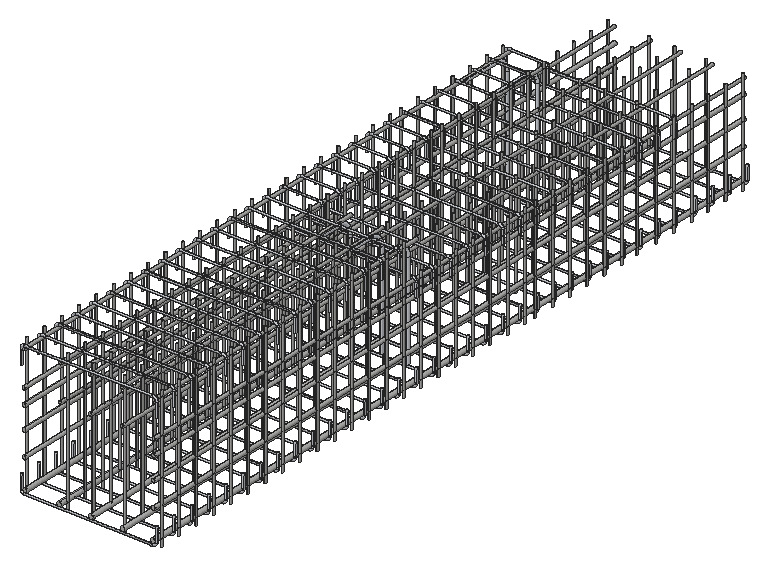
Revit family "261_Каркас пространственный КП4", category Обобщенные модели, Revit 2016 (continued)
Definition of nested family "261_Каркас плоский КР 29"
  Nested families
    nested 11: "361_Арматурная форма 1" at (1395, 500, 0) x (0, 1, 0) z (0, 0, 1), Орг.ИдентификацияЭлемента1 <- "Орг.ИдентификацияЭлемента1", Орг.ИдентификацияЭлемента <- "Орг.ИдентификацияЭлемента", Мрк.МаркаКонструкции <- "Мрк.МаркаКонструкции", Мрк.МаркаИзделия3 <- "Мрк.МаркаИзделия3", Мрк.МаркаИзделия2 <- "Мрк.МаркаИзделия2", Мрк.МаркаИзделия1 <- "Мрк.МаркаИзделия1", Мрк.МаркаИзделия <- "Мрк.МаркаИзделия", Орг.УровеньТекстовый <- "Орг.УровеньТекстовый", Орг.ОбознчТома(Комплекта) <- "Орг.ОбознчТома(Комплекта)", Орг.НомерЛистаЭлемента <- "Орг.НомерЛистаЭлемента", type "Параметрический"
      with Рзм.Длина 970 mm, Рзм.Диаметр 12 mm, Орг.УровеньТекстовый "", Орг.ОбознчТома(Комплекта) "", Орг.НомерЛистаЭлемента "", Орг.ИзделиеТипПодсчета 2, Орг.ИдентификацияЭлемента1 "", Орг.ИдентификацияЭлемента "", Мрк.Обозначение "ГОСТ 5781-82", Мрк.Наименование "Ø12 А240 ГОСТ 5781-82", Мрк.МаркаКонструкции "", Мрк.МаркаИзделия3 "", Мрк.МаркаИзделия2 "", Мрк.МаркаИзделия1 "", Мрк.МаркаИзделия "", Мрк.Марка "6", Арм.РазмерR 0 mm, Арм.РазмерJ 0 mm, Арм.РазмерG 0 mm, Арм.РазмерF 0 mm, Арм.РазмерE 0 mm, Арм.РазмерD 0 mm, Арм.РазмерC 0 mm, Арм.РазмерB 0 mm, Арм.РазмерA 970 mm, Арм.ПогМетрыВкл no, Арм.КоэфНахлеста 1, Арм.Класс 1240
    nested 12: "361_Арматурная форма 1" at (1545, 500, 0) x (0, 1, 0) z (0, 0, 1), Орг.ИдентификацияЭлемента1 <- "Орг.ИдентификацияЭлемента1", Орг.ИдентификацияЭлемента <- "Орг.ИдентификацияЭлемента", Мрк.МаркаКонструкции <- "Мрк.МаркаКонструкции", Мрк.МаркаИзделия3 <- "Мрк.МаркаИзделия3", Мрк.МаркаИзделия2 <- "Мрк.МаркаИзделия2", Мрк.МаркаИзделия1 <- "Мрк.МаркаИзделия1", Мрк.МаркаИзделия <- "Мрк.МаркаИзделия", Орг.УровеньТекстовый <- "Орг.УровеньТекстовый", Орг.ОбознчТома(Комплекта) <- "Орг.ОбознчТома(Комплекта)", Орг.НомерЛистаЭлемента <- "Орг.НомерЛистаЭлемента", type "Параметрический"
      with Рзм.Длина 970 mm, Рзм.Диаметр 12 mm, Орг.УровеньТекстовый "", Орг.ОбознчТома(Комплекта) "", Орг.НомерЛистаЭлемента "", Орг.ИзделиеТипПодсчета 2, Орг.ИдентификацияЭлемента1 "", Орг.ИдентификацияЭлемента "", Мрк.Обозначение "ГОСТ 5781-82", Мрк.Наименование "Ø12 А240 ГОСТ 5781-82", Мрк.МаркаКонструкции "", Мрк.МаркаИзделия3 "", Мрк.МаркаИзделия2 "", Мрк.МаркаИзделия1 "", Мрк.МаркаИзделия "", Мрк.Марка "6", Арм.РазмерR 0 mm, Арм.РазмерJ 0 mm, Арм.РазмерG 0 mm, Арм.РазмерF 0 mm, Арм.РазмерE 0 mm, Арм.РазмерD 0 mm, Арм.РазмерC 0 mm, Арм.РазмерB 0 mm, Арм.РазмерA 970 mm, Арм.ПогМетрыВкл no, Арм.КоэфНахлеста 1, Арм.Класс 1240
    nested 13: "361_Арматурная форма 1" at (1695, 500, 0) x (0, 1, 0) z (0, 0, 1), Орг.ИдентификацияЭлемента1 <- "Орг.ИдентификацияЭлемента1", Орг.ИдентификацияЭлемента <- "Орг.ИдентификацияЭлемента", Мрк.МаркаКонструкции <- "Мрк.МаркаКонструкции", Мрк.МаркаИзделия3 <- "Мрк.МаркаИзделия3", Мрк.МаркаИзделия2 <- "Мрк.МаркаИзделия2", Мрк.МаркаИзделия1 <- "Мрк.МаркаИзделия1", Мрк.МаркаИзделия <- "Мрк.МаркаИзделия", Орг.УровеньТекстовый <- "Орг.УровеньТекстовый", Орг.ОбознчТома(Комплекта) <- "Орг.ОбознчТома(Комплекта)", Орг.НомерЛистаЭлемента <- "Орг.НомерЛистаЭлемента", type "Параметрический"
      with Рзм.Длина 970 mm, Рзм.Диаметр 12 mm, Орг.УровеньТекстовый "", Орг.ОбознчТома(Комплекта) "", Орг.НомерЛистаЭлемента "", Орг.ИзделиеТипПодсчета 2, Орг.ИдентификацияЭлемента1 "", Орг.ИдентификацияЭлемента "", Мрк.Обозначение "ГОСТ 5781-82", Мрк.Наименование "Ø12 А240 ГОСТ 5781-82", Мрк.МаркаКонструкции "", Мрк.МаркаИзделия3 "", Мрк.МаркаИзделия2 "", Мрк.МаркаИзделия1 "", Мрк.МаркаИзделия "", Мрк.Марка "6", Арм.РазмерR 0 mm, Арм.РазмерJ 0 mm, Арм.РазмерG 0 mm, Арм.РазмерF 0 mm, Арм.РазмерE 0 mm, Арм.РазмерD 0 mm, Арм.РазмерC 0 mm, Арм.РазмерB 0 mm, Арм.РазмерA 970 mm, Арм.ПогМетрыВкл no, Арм.КоэфНахлеста 1, Арм.Класс 1240
    nested 14: "361_Арматурная форма 1" at (1845, 500, 0) x (0, 1, 0) z (0, 0, 1), Орг.ИдентификацияЭлемента1 <- "Орг.ИдентификацияЭлемента1", Орг.ИдентификацияЭлемента <- "Орг.ИдентификацияЭлемента", Мрк.МаркаКонструкции <- "Мрк.МаркаКонструкции", Мрк.МаркаИзделия3 <- "Мрк.МаркаИзделия3", Мрк.МаркаИзделия2 <- "Мрк.МаркаИзделия2", Мрк.МаркаИзделия1 <- "Мрк.МаркаИзделия1", Мрк.МаркаИзделия <- "Мрк.МаркаИзделия", Орг.УровеньТекстовый <- "Орг.УровеньТекстовый", Орг.ОбознчТома(Комплекта) <- "Орг.ОбознчТома(Комплекта)", Орг.НомерЛистаЭлемента <- "Орг.НомерЛистаЭлемента", type "Параметрический"
      with Рзм.Длина 970 mm, Рзм.Диаметр 12 mm, Орг.УровеньТекстовый "", Орг.ОбознчТома(Комплекта) "", Орг.НомерЛистаЭлемента "", Орг.ИзделиеТипПодсчета 2, Орг.ИдентификацияЭлемента1 "", Орг.ИдентификацияЭлемента "", Мрк.Обозначение "ГОСТ 5781-82", Мрк.Наименование "Ø12 А240 ГОСТ 5781-82", Мрк.МаркаКонструкции "", Мрк.МаркаИзделия3 "", Мрк.МаркаИзделия2 "", Мрк.МаркаИзделия1 "", Мрк.МаркаИзделия "", Мрк.Марка "6", Арм.РазмерR 0 mm, Арм.РазмерJ 0 mm, Арм.РазмерG 0 mm, Арм.РазмерF 0 mm, Арм.РазмерE 0 mm, Арм.РазмерD 0 mm, Арм.РазмерC 0 mm, Арм.РазмерB 0 mm, Арм.РазмерA 970 mm, Арм.ПогМетрыВкл no, Арм.КоэфНахлеста 1, Арм.Класс 1240
    nested 15: "361_Арматурная форма 1" at (1995, 500, 0) x (0, 1, 0) z (0, 0, 1), Орг.ИдентификацияЭлемента1 <- "Орг.ИдентификацияЭлемента1", Орг.ИдентификацияЭлемента <- "Орг.ИдентификацияЭлемента", Мрк.МаркаКонструкции <- "Мрк.МаркаКонструкции", Мрк.МаркаИзделия3 <- "Мрк.МаркаИзделия3", Мрк.МаркаИзделия2 <- "Мрк.МаркаИзделия2", Мрк.МаркаИзделия1 <- "Мрк.МаркаИзделия1", Мрк.МаркаИзделия <- "Мрк.МаркаИзделия", Орг.УровеньТекстовый <- "Орг.УровеньТекстовый", Орг.ОбознчТома(Комплекта) <- "Орг.ОбознчТома(Комплекта)", Орг.НомерЛистаЭлемента <- "Орг.НомерЛистаЭлемента", type "Параметрический"
      with Рзм.Длина 970 mm, Рзм.Диаметр 12 mm, Орг.УровеньТекстовый "", Орг.ОбознчТома(Комплекта) "", Орг.НомерЛистаЭлемента "", Орг.ИзделиеТипПодсчета 2, Орг.ИдентификацияЭлемента1 "", Орг.ИдентификацияЭлемента "", Мрк.Обозначение "ГОСТ 5781-82", Мрк.Наименование "Ø12 А240 ГОСТ 5781-82", Мрк.МаркаКонструкции "", Мрк.МаркаИзделия3 "", Мрк.МаркаИзделия2 "", Мрк.МаркаИзделия1 "", Мрк.МаркаИзделия "", Мрк.Марка "6", Арм.РазмерR 0 mm, Арм.РазмерJ 0 mm, Арм.РазмерG 0 mm, Арм.РазмерF 0 mm, Арм.РазмерE 0 mm, Арм.РазмерD 0 mm, Арм.РазмерC 0 mm, Арм.РазмерB 0 mm, Арм.РазмерA 970 mm, Арм.ПогМетрыВкл no, Арм.КоэфНахлеста 1, Арм.Класс 1240
    nested 16: "361_Арматурная форма 1" at (2145, 500, 0) x (0, 1, 0) z (0, 0, 1), Орг.ИдентификацияЭлемента1 <- "Орг.ИдентификацияЭлемента1", Орг.ИдентификацияЭлемента <- "Орг.ИдентификацияЭлемента", Мрк.МаркаКонструкции <- "Мрк.МаркаКонструкции", Мрк.МаркаИзделия3 <- "Мрк.МаркаИзделия3", Мрк.МаркаИзделия2 <- "Мрк.МаркаИзделия2", Мрк.МаркаИзделия1 <- "Мрк.МаркаИзделия1", Мрк.МаркаИзделия <- "Мрк.МаркаИзделия", Орг.УровеньТекстовый <- "Орг.УровеньТекстовый", Орг.ОбознчТома(Комплекта) <- "Орг.ОбознчТома(Комплекта)", Орг.НомерЛистаЭлемента <- "Орг.НомерЛистаЭлемента", type "Параметрический"
      with Рзм.Длина 970 mm, Рзм.Диаметр 12 mm, Орг.УровеньТекстовый "", Орг.ОбознчТома(Комплекта) "", Орг.НомерЛистаЭлемента "", Орг.ИзделиеТипПодсчета 2, Орг.ИдентификацияЭлемента1 "", Орг.ИдентификацияЭлемента "", Мрк.Обозначение "ГОСТ 5781-82", Мрк.Наименование "Ø12 А240 ГОСТ 5781-82", Мрк.МаркаКонструкции "", Мрк.МаркаИзделия3 "", Мрк.МаркаИзделия2 "", Мрк.МаркаИзделия1 "", Мрк.МаркаИзделия "", Мрк.Марка "6", Арм.РазмерR 0 mm, Арм.РазмерJ 0 mm, Арм.РазмерG 0 mm, Арм.РазмерF 0 mm, Арм.РазмерE 0 mm, Арм.РазмерD 0 mm, Арм.РазмерC 0 mm, Арм.РазмерB 0 mm, Арм.РазмерA 970 mm, Арм.ПогМетрыВкл no, Арм.КоэфНахлеста 1, Арм.Класс 1240
    nested 17: "361_Арматурная форма 1" at (2295, 500, 0) x (0, 1, 0) z (0, 0, 1), Орг.ИдентификацияЭлемента1 <- "Орг.ИдентификацияЭлемента1", Орг.ИдентификацияЭлемента <- "Орг.ИдентификацияЭлемента", Мрк.МаркаКонструкции <- "Мрк.МаркаКонструкции", Мрк.МаркаИзделия3 <- "Мрк.МаркаИзделия3", Мрк.МаркаИзделия2 <- "Мрк.МаркаИзделия2", Мрк.МаркаИзделия1 <- "Мрк.МаркаИзделия1", Мрк.МаркаИзделия <- "Мрк.МаркаИзделия", Орг.УровеньТекстовый <- "Орг.УровеньТекстовый", Орг.ОбознчТома(Комплекта) <- "Орг.ОбознчТома(Комплекта)", Орг.НомерЛистаЭлемента <- "Орг.НомерЛистаЭлемента", type "Параметрический"
      with Рзм.Длина 970 mm, Рзм.Диаметр 12 mm, Орг.УровеньТекстовый "", Орг.ОбознчТома(Комплекта) "", Орг.НомерЛистаЭлемента "", Орг.ИзделиеТипПодсчета 2, Орг.ИдентификацияЭлемента1 "", Орг.ИдентификацияЭлемента "", Мрк.Обозначение "ГОСТ 5781-82", Мрк.Наименование "Ø12 А240 ГОСТ 5781-82", Мрк.МаркаКонструкции "", Мрк.МаркаИзделия3 "", Мрк.МаркаИзделия2 "", Мрк.МаркаИзделия1 "", Мрк.МаркаИзделия "", Мрк.Марка "6", Арм.РазмерR 0 mm, Арм.РазмерJ 0 mm, Арм.РазмерG 0 mm, Арм.РазмерF 0 mm, Арм.РазмерE 0 mm, Арм.РазмерD 0 mm, Арм.РазмерC 0 mm, Арм.РазмерB 0 mm, Арм.РазмерA 970 mm, Арм.ПогМетрыВкл no, Арм.КоэфНахлеста 1, Арм.Класс 1240
    nested 18: "361_Арматурная форма 1" at (2445, 500, 0) x (0, 1, 0) z (0, 0, 1), Орг.ИдентификацияЭлемента1 <- "Орг.ИдентификацияЭлемента1", Орг.ИдентификацияЭлемента <- "Орг.ИдентификацияЭлемента", Мрк.МаркаКонструкции <- "Мрк.МаркаКонструкции", Мрк.МаркаИзделия3 <- "Мрк.МаркаИзделия3", Мрк.МаркаИзделия2 <- "Мрк.МаркаИзделия2", Мрк.МаркаИзделия1 <- "Мрк.МаркаИзделия1", Мрк.МаркаИзделия <- "Мрк.МаркаИзделия", Орг.УровеньТекстовый <- "Орг.УровеньТекстовый", Орг.ОбознчТома(Комплекта) <- "Орг.ОбознчТома(Комплекта)", Орг.НомерЛистаЭлемента <- "Орг.НомерЛистаЭлемента", type "Параметрический"
      with Рзм.Длина 970 mm, Рзм.Диаметр 12 mm, Орг.УровеньТекстовый "", Орг.ОбознчТома(Комплекта) "", Орг.НомерЛистаЭлемента "", Орг.ИзделиеТипПодсчета 2, Орг.ИдентификацияЭлемента1 "", Орг.ИдентификацияЭлемента "", Мрк.Обозначение "ГОСТ 5781-82", Мрк.Наименование "Ø12 А240 ГОСТ 5781-82", Мрк.МаркаКонструкции "", Мрк.МаркаИзделия3 "", Мрк.МаркаИзделия2 "", Мрк.МаркаИзделия1 "", Мрк.МаркаИзделия "", Мрк.Марка "6", Арм.РазмерR 0 mm, Арм.РазмерJ 0 mm, Арм.РазмерG 0 mm, Арм.РазмерF 0 mm, Арм.РазмерE 0 mm, Арм.РазмерD 0 mm, Арм.РазмерC 0 mm, Арм.РазмерB 0 mm, Арм.РазмерA 970 mm, Арм.ПогМетрыВкл no, Арм.КоэфНахлеста 1, Арм.Класс 1240
    nested 19: "361_Арматурная форма 1" at (2595, 500, 0) x (0, 1, 0) z (0, 0, 1), Орг.ИдентификацияЭлемента1 <- "Орг.ИдентификацияЭлемента1", Орг.ИдентификацияЭлемента <- "Орг.ИдентификацияЭлемента", Мрк.МаркаКонструкции <- "Мрк.МаркаКонструкции", Мрк.МаркаИзделия3 <- "Мрк.МаркаИзделия3", Мрк.МаркаИзделия2 <- "Мрк.МаркаИзделия2", Мрк.МаркаИзделия1 <- "Мрк.МаркаИзделия1", Мрк.МаркаИзделия <- "Мрк.МаркаИзделия", Орг.УровеньТекстовый <- "Орг.УровеньТекстовый", Орг.ОбознчТома(Комплекта) <- "Орг.ОбознчТома(Комплекта)", Орг.НомерЛистаЭлемента <- "Орг.НомерЛистаЭлемента", type "Параметрический"
      with Рзм.Длина 970 mm, Рзм.Диаметр 12 mm, Орг.УровеньТекстовый "", Орг.ОбознчТома(Комплекта) "", Орг.НомерЛистаЭлемента "", Орг.ИзделиеТипПодсчета 2, Орг.ИдентификацияЭлемента1 "", Орг.ИдентификацияЭлемента "", Мрк.Обозначение "ГОСТ 5781-82", Мрк.Наименование "Ø12 А240 ГОСТ 5781-82", Мрк.МаркаКонструкции "", Мрк.МаркаИзделия3 "", Мрк.МаркаИзделия2 "", Мрк.МаркаИзделия1 "", Мрк.МаркаИзделия "", Мрк.Марка "6", Арм.РазмерR 0 mm, Арм.РазмерJ 0 mm, Арм.РазмерG 0 mm, Арм.РазмерF 0 mm, Арм.РазмерE 0 mm, Арм.РазмерD 0 mm, Арм.РазмерC 0 mm, Арм.РазмерB 0 mm, Арм.РазмерA 970 mm, Арм.ПогМетрыВкл no, Арм.КоэфНахлеста 1, Арм.Класс 1240
    nested 20: "361_Арматурная форма 1" at (2745, 500, 0) x (0, 1, 0) z (0, 0, 1), Орг.ИдентификацияЭлемента1 <- "Орг.ИдентификацияЭлемента1", Орг.ИдентификацияЭлемента <- "Орг.ИдентификацияЭлемента", Мрк.МаркаКонструкции <- "Мрк.МаркаКонструкции", Мрк.МаркаИзделия3 <- "Мрк.МаркаИзделия3", Мрк.МаркаИзделия2 <- "Мрк.МаркаИзделия2", Мрк.МаркаИзделия1 <- "Мрк.МаркаИзделия1", Мрк.МаркаИзделия <- "Мрк.МаркаИзделия", Орг.УровеньТекстовый <- "Орг.УровеньТекстовый", Орг.ОбознчТома(Комплекта) <- "Орг.ОбознчТома(Комплекта)", Орг.НомерЛистаЭлемента <- "Орг.НомерЛистаЭлемента", type "Параметрический"
      with Рзм.Длина 970 mm, Рзм.Диаметр 12 mm, Орг.УровеньТекстовый "", Орг.ОбознчТома(Комплекта) "", Орг.НомерЛистаЭлемента "", Орг.ИзделиеТипПодсчета 2, Орг.ИдентификацияЭлемента1 "", Орг.ИдентификацияЭлемента "", Мрк.Обозначение "ГОСТ 5781-82", Мрк.Наименование "Ø12 А240 ГОСТ 5781-82", Мрк.МаркаКонструкции "", Мрк.МаркаИзделия3 "", Мрк.МаркаИзделия2 "", Мрк.МаркаИзделия1 "", Мрк.МаркаИзделия "", Мрк.Марка "6", Арм.РазмерR 0 mm, Арм.РазмерJ 0 mm, Арм.РазмерG 0 mm, Арм.РазмерF 0 mm, Арм.РазмерE 0 mm, Арм.РазмерD 0 mm, Арм.РазмерC 0 mm, Арм.РазмерB 0 mm, Арм.РазмерA 970 mm, Арм.ПогМетрыВкл no, Арм.КоэфНахлеста 1, Арм.Класс 1240
    nested 21: "361_Арматурная форма 1" at (2895, 500, 0) x (0, 1, 0) z (0, 0, 1), Орг.ИдентификацияЭлемента1 <- "Орг.ИдентификацияЭлемента1", Орг.ИдентификацияЭлемента <- "Орг.ИдентификацияЭлемента", Мрк.МаркаКонструкции <- "Мрк.МаркаКонструкции", Мрк.МаркаИзделия3 <- "Мрк.МаркаИзделия3", Мрк.МаркаИзделия2 <- "Мрк.МаркаИзделия2", Мрк.МаркаИзделия1 <- "Мрк.МаркаИзделия1", Мрк.МаркаИзделия <- "Мрк.МаркаИзделия", Орг.УровеньТекстовый <- "Орг.УровеньТекстовый", Орг.ОбознчТома(Комплекта) <- "Орг.ОбознчТома(Комплекта)", Орг.НомерЛистаЭлемента <- "Орг.НомерЛистаЭлемента", type "Параметрический"
      with Рзм.Длина 970 mm, Рзм.Диаметр 12 mm, Орг.УровеньТекстовый "", Орг.ОбознчТома(Комплекта) "", Орг.НомерЛистаЭлемента "", Орг.ИзделиеТипПодсчета 2, Орг.ИдентификацияЭлемента1 "", Орг.ИдентификацияЭлемента "", Мрк.Обозначение "ГОСТ 5781-82", Мрк.Наименование "Ø12 А240 ГОСТ 5781-82", Мрк.МаркаКонструкции "", Мрк.МаркаИзделия3 "", Мрк.МаркаИзделия2 "", Мрк.МаркаИзделия1 "", Мрк.МаркаИзделия "", Мрк.Марка "6", Арм.РазмерR 0 mm, Арм.РазмерJ 0 mm, Арм.РазмерG 0 mm, Арм.РазмерF 0 mm, Арм.РазмерE 0 mm, Арм.РазмерD 0 mm, Арм.РазмерC 0 mm, Арм.РазмерB 0 mm, Арм.РазмерA 970 mm, Арм.ПогМетрыВкл no, Арм.КоэфНахлеста 1, Арм.Класс 1240
    nested 22: "361_Арматурная форма 1" at (3045, 500, 0) x (0, 1, 0) z (0, 0, 1), Орг.ИдентификацияЭлемента1 <- "Орг.ИдентификацияЭлемента1", Орг.ИдентификацияЭлемента <- "Орг.ИдентификацияЭлемента", Мрк.МаркаКонструкции <- "Мрк.МаркаКонструкции", Мрк.МаркаИзделия3 <- "Мрк.МаркаИзделия3", Мрк.МаркаИзделия2 <- "Мрк.МаркаИзделия2", Мрк.МаркаИзделия1 <- "Мрк.МаркаИзделия1", Мрк.МаркаИзделия <- "Мрк.МаркаИзделия", Орг.УровеньТекстовый <- "Орг.УровеньТекстовый", Орг.ОбознчТома(Комплекта) <- "Орг.ОбознчТома(Комплекта)", Орг.НомерЛистаЭлемента <- "Орг.НомерЛистаЭлемента", type "Параметрический"
      with Рзм.Длина 970 mm, Рзм.Диаметр 12 mm, Орг.УровеньТекстовый "", Орг.ОбознчТома(Комплекта) "", Орг.НомерЛистаЭлемента "", Орг.ИзделиеТипПодсчета 2, Орг.ИдентификацияЭлемента1 "", Орг.ИдентификацияЭлемента "", Мрк.Обозначение "ГОСТ 5781-82", Мрк.Наименование "Ø12 А240 ГОСТ 5781-82", Мрк.МаркаКонструкции "", Мрк.МаркаИзделия3 "", Мрк.МаркаИзделия2 "", Мрк.МаркаИзделия1 "", Мрк.МаркаИзделия "", Мрк.Марка "6", Арм.РазмерR 0 mm, Арм.РазмерJ 0 mm, Арм.РазмерG 0 mm, Арм.РазмерF 0 mm, Арм.РазмерE 0 mm, Арм.РазмерD 0 mm, Арм.РазмерC 0 mm, Арм.РазмерB 0 mm, Арм.РазмерA 970 mm, Арм.ПогМетрыВкл no, Арм.КоэфНахлеста 1, Арм.Класс 1240
    nested 23: "361_Арматурная форма 1" at (3195, 500, 0) x (0, 1, 0) z (0, 0, 1), Орг.ИдентификацияЭлемента1 <- "Орг.ИдентификацияЭлемента1", Орг.ИдентификацияЭлемента <- "Орг.ИдентификацияЭлемента", Мрк.МаркаКонструкции <- "Мрк.МаркаКонструкции", Мрк.МаркаИзделия3 <- "Мрк.МаркаИзделия3", Мрк.МаркаИзделия2 <- "Мрк.МаркаИзделия2", Мрк.МаркаИзделия1 <- "Мрк.МаркаИзделия1", Мрк.МаркаИзделия <- "Мрк.МаркаИзделия", Орг.УровеньТекстовый <- "Орг.УровеньТекстовый", Орг.ОбознчТома(Комплекта) <- "Орг.ОбознчТома(Комплекта)", Орг.НомерЛистаЭлемента <- "Орг.НомерЛистаЭлемента", type "Параметрический"
      with Рзм.Длина 970 mm, Рзм.Диаметр 12 mm, Орг.УровеньТекстовый "", Орг.ОбознчТома(Комплекта) "", Орг.НомерЛистаЭлемента "", Орг.ИзделиеТипПодсчета 2, Орг.ИдентификацияЭлемента1 "", Орг.ИдентификацияЭлемента "", Мрк.Обозначение "ГОСТ 5781-82", Мрк.Наименование "Ø12 А240 ГОСТ 5781-82", Мрк.МаркаКонструкции "", Мрк.МаркаИзделия3 "", Мрк.МаркаИзделия2 "", Мрк.МаркаИзделия1 "", Мрк.МаркаИзделия "", Мрк.Марка "6", Арм.РазмерR 0 mm, Арм.РазмерJ 0 mm, Арм.РазмерG 0 mm, Арм.РазмерF 0 mm, Арм.РазмерE 0 mm, Арм.РазмерD 0 mm, Арм.РазмерC 0 mm, Арм.РазмерB 0 mm, Арм.РазмерA 970 mm, Арм.ПогМетрыВкл no, Арм.КоэфНахлеста 1, Арм.Класс 1240
    nested 24: "361_Арматурная форма 1" at (3285, 500, 0) x (0, 1, 0) z (0, 0, 1), Орг.ИдентификацияЭлемента1 <- "Орг.ИдентификацияЭлемента1", Орг.ИдентификацияЭлемента <- "Орг.ИдентификацияЭлемента", Мрк.МаркаКонструкции <- "Мрк.МаркаКонструкции", Мрк.МаркаИзделия3 <- "Мрк.МаркаИзделия3", Мрк.МаркаИзделия2 <- "Мрк.МаркаИзделия2", Мрк.МаркаИзделия1 <- "Мрк.МаркаИзделия1", Мрк.МаркаИзделия <- "Мрк.МаркаИзделия", Орг.УровеньТекстовый <- "Орг.УровеньТекстовый", Орг.ОбознчТома(Комплекта) <- "Орг.ОбознчТома(Комплекта)", Орг.НомерЛистаЭлемента <- "Орг.НомерЛистаЭлемента", type "Параметрический"
      with Рзм.Длина 970 mm, Рзм.Диаметр 12 mm, Орг.УровеньТекстовый "", Орг.ОбознчТома(Комплекта) "", Орг.НомерЛистаЭлемента "", Орг.ИзделиеТипПодсчета 2, Орг.ИдентификацияЭлемента1 "", Орг.ИдентификацияЭлемента "", Мрк.Обозначение "ГОСТ 5781-82", Мрк.Наименование "Ø12 А240 ГОСТ 5781-82", Мрк.МаркаКонструкции "", Мрк.МаркаИзделия3 "", Мрк.МаркаИзделия2 "", Мрк.МаркаИзделия1 "", Мрк.МаркаИзделия "", Мрк.Марка "6", Арм.РазмерR 0 mm, Арм.РазмерJ 0 mm, Арм.РазмерG 0 mm, Арм.РазмерF 0 mm, Арм.РазмерE 0 mm, Арм.РазмерD 0 mm, Арм.РазмерC 0 mm, Арм.РазмерB 0 mm, Арм.РазмерA 970 mm, Арм.ПогМетрыВкл no, Арм.КоэфНахлеста 1, Арм.Класс 1240
    nested 25: "361_Арматурная форма 1" at (3435, 500, 0) x (0, 1, 0) z (0, 0, 1), Орг.ИдентификацияЭлемента1 <- "Орг.ИдентификацияЭлемента1", Орг.ИдентификацияЭлемента <- "Орг.ИдентификацияЭлемента", Мрк.МаркаКонструкции <- "Мрк.МаркаКонструкции", Мрк.МаркаИзделия3 <- "Мрк.МаркаИзделия3", Мрк.МаркаИзделия2 <- "Мрк.МаркаИзделия2", Мрк.МаркаИзделия1 <- "Мрк.МаркаИзделия1", Мрк.МаркаИзделия <- "Мрк.МаркаИзделия", Орг.УровеньТекстовый <- "Орг.УровеньТекстовый", Орг.ОбознчТома(Комплекта) <- "Орг.ОбознчТома(Комплекта)", Орг.НомерЛистаЭлемента <- "Орг.НомерЛистаЭлемента", type "Параметрический"
      with Рзм.Длина 970 mm, Рзм.Диаметр 12 mm, Орг.УровеньТекстовый "", Орг.ОбознчТома(Комплекта) "", Орг.НомерЛистаЭлемента "", Орг.ИзделиеТипПодсчета 2, Орг.ИдентификацияЭлемента1 "", Орг.ИдентификацияЭлемента "", Мрк.Обозначение "ГОСТ 5781-82", Мрк.Наименование "Ø12 А240 ГОСТ 5781-82", Мрк.МаркаКонструкции "", Мрк.МаркаИзделия3 "", Мрк.МаркаИзделия2 "", Мрк.МаркаИзделия1 "", Мрк.МаркаИзделия "", Мрк.Марка "6", Арм.РазмерR 0 mm, Арм.РазмерJ 0 mm, Арм.РазмерG 0 mm, Арм.РазмерF 0 mm, Арм.РазмерE 0 mm, Арм.РазмерD 0 mm, Арм.РазмерC 0 mm, Арм.РазмерB 0 mm, Арм.РазмерA 970 mm, Арм.ПогМетрыВкл no, Арм.КоэфНахлеста 1, Арм.Класс 1240
    nested 26: "361_Арматурная форма 1" at (3585, 500, 0) x (0, 1, 0) z (0, 0, 1), Орг.ИдентификацияЭлемента1 <- "Орг.ИдентификацияЭлемента1", Орг.ИдентификацияЭлемента <- "Орг.ИдентификацияЭлемента", Мрк.МаркаКонструкции <- "Мрк.МаркаКонструкции", Мрк.МаркаИзделия3 <- "Мрк.МаркаИзделия3", Мрк.МаркаИзделия2 <- "Мрк.МаркаИзделия2", Мрк.МаркаИзделия1 <- "Мрк.МаркаИзделия1", Мрк.МаркаИзделия <- "Мрк.МаркаИзделия", Орг.УровеньТекстовый <- "Орг.УровеньТекстовый", Орг.ОбознчТома(Комплекта) <- "Орг.ОбознчТома(Комплекта)", Орг.НомерЛистаЭлемента <- "Орг.НомерЛистаЭлемента", type "Параметрический"
      with Рзм.Длина 970 mm, Рзм.Диаметр 12 mm, Орг.УровеньТекстовый "", Орг.ОбознчТома(Комплекта) "", Орг.НомерЛистаЭлемента "", Орг.ИзделиеТипПодсчета 2, Орг.ИдентификацияЭлемента1 "", Орг.ИдентификацияЭлемента "", Мрк.Обозначение "ГОСТ 5781-82", Мрк.Наименование "Ø12 А240 ГОСТ 5781-82", Мрк.МаркаКонструкции "", Мрк.МаркаИзделия3 "", Мрк.МаркаИзделия2 "", Мрк.МаркаИзделия1 "", Мрк.МаркаИзделия "", Мрк.Марка "6", Арм.РазмерR 0 mm, Арм.РазмерJ 0 mm, Арм.РазмерG 0 mm, Арм.РазмерF 0 mm, Арм.РазмерE 0 mm, Арм.РазмерD 0 mm, Арм.РазмерC 0 mm, Арм.РазмерB 0 mm, Арм.РазмерA 970 mm, Арм.ПогМетрыВкл no, Арм.КоэфНахлеста 1, Арм.Класс 1240
    nested 27: "361_Арматурная форма 1" at (3735, 500, 0) x (0, 1, 0) z (0, 0, 1), Орг.ИдентификацияЭлемента1 <- "Орг.ИдентификацияЭлемента1", Орг.ИдентификацияЭлемента <- "Орг.ИдентификацияЭлемента", Мрк.МаркаКонструкции <- "Мрк.МаркаКонструкции", Мрк.МаркаИзделия3 <- "Мрк.МаркаИзделия3", Мрк.МаркаИзделия2 <- "Мрк.МаркаИзделия2", Мрк.МаркаИзделия1 <- "Мрк.МаркаИзделия1", Мрк.МаркаИзделия <- "Мрк.МаркаИзделия", Орг.УровеньТекстовый <- "Орг.УровеньТекстовый", Орг.ОбознчТома(Комплекта) <- "Орг.ОбознчТома(Комплекта)", Орг.НомерЛистаЭлемента <- "Орг.НомерЛистаЭлемента", type "Параметрический"
      with Рзм.Длина 970 mm, Рзм.Диаметр 12 mm, Орг.УровеньТекстовый "", Орг.ОбознчТома(Комплекта) "", Орг.НомерЛистаЭлемента "", Орг.ИзделиеТипПодсчета 2, Орг.ИдентификацияЭлемента1 "", Орг.ИдентификацияЭлемента "", Мрк.Обозначение "ГОСТ 5781-82", Мрк.Наименование "Ø12 А240 ГОСТ 5781-82", Мрк.МаркаКонструкции "", Мрк.МаркаИзделия3 "", Мрк.МаркаИзделия2 "", Мрк.МаркаИзделия1 "", Мрк.МаркаИзделия "", Мрк.Марка "6", Арм.РазмерR 0 mm, Арм.РазмерJ 0 mm, Арм.РазмерG 0 mm, Арм.РазмерF 0 mm, Арм.РазмерE 0 mm, Арм.РазмерD 0 mm, Арм.РазмерC 0 mm, Арм.РазмерB 0 mm, Арм.РазмерA 970 mm, Арм.ПогМетрыВкл no, Арм.КоэфНахлеста 1, Арм.Класс 1240
    nested 28: "361_Арматурная форма 1" at (3885, 500, 0) x (0, 1, 0) z (0, 0, 1), Орг.ИдентификацияЭлемента1 <- "Орг.ИдентификацияЭлемента1", Орг.ИдентификацияЭлемента <- "Орг.ИдентификацияЭлемента", Мрк.МаркаКонструкции <- "Мрк.МаркаКонструкции", Мрк.МаркаИзделия3 <- "Мрк.МаркаИзделия3", Мрк.МаркаИзделия2 <- "Мрк.МаркаИзделия2", Мрк.МаркаИзделия1 <- "Мрк.МаркаИзделия1", Мрк.МаркаИзделия <- "Мрк.МаркаИзделия", Орг.УровеньТекстовый <- "Орг.УровеньТекстовый", Орг.ОбознчТома(Комплекта) <- "Орг.ОбознчТома(Комплекта)", Орг.НомерЛистаЭлемента <- "Орг.НомерЛистаЭлемента", type "Параметрический"
      with Рзм.Длина 970 mm, Рзм.Диаметр 12 mm, Орг.УровеньТекстовый "", Орг.ОбознчТома(Комплекта) "", Орг.НомерЛистаЭлемента "", Орг.ИзделиеТипПодсчета 2, Орг.ИдентификацияЭлемента1 "", Орг.ИдентификацияЭлемента "", Мрк.Обозначение "ГОСТ 5781-82", Мрк.Наименование "Ø12 А240 ГОСТ 5781-82", Мрк.МаркаКонструкции "", Мрк.МаркаИзделия3 "", Мрк.МаркаИзделия2 "", Мрк.МаркаИзделия1 "", Мрк.МаркаИзделия "", Мрк.Марка "6", Арм.РазмерR 0 mm, Арм.РазмерJ 0 mm, Арм.РазмерG 0 mm, Арм.РазмерF 0 mm, Арм.РазмерE 0 mm, Арм.РазмерD 0 mm, Арм.РазмерC 0 mm, Арм.РазмерB 0 mm, Арм.РазмерA 970 mm, Арм.ПогМетрыВкл no, Арм.КоэфНахлеста 1, Арм.Класс 1240
    nested 29: "361_Арматурная форма 1" at (4035, 500, 0) x (0, 1, 0) z (0, 0, 1), Орг.ИдентификацияЭлемента1 <- "Орг.ИдентификацияЭлемента1", Орг.ИдентификацияЭлемента <- "Орг.ИдентификацияЭлемента", Мрк.МаркаКонструкции <- "Мрк.МаркаКонструкции", Мрк.МаркаИзделия3 <- "Мрк.МаркаИзделия3", Мрк.МаркаИзделия2 <- "Мрк.МаркаИзделия2", Мрк.МаркаИзделия1 <- "Мрк.МаркаИзделия1", Мрк.МаркаИзделия <- "Мрк.МаркаИзделия", Орг.УровеньТекстовый <- "Орг.УровеньТекстовый", Орг.ОбознчТома(Комплекта) <- "Орг.ОбознчТома(Комплекта)", Орг.НомерЛистаЭлемента <- "Орг.НомерЛистаЭлемента", type "Параметрический"
      with Рзм.Длина 970 mm, Рзм.Диаметр 12 mm, Орг.УровеньТекстовый "", Орг.ОбознчТома(Комплекта) "", Орг.НомерЛистаЭлемента "", Орг.ИзделиеТипПодсчета 2, Орг.ИдентификацияЭлемента1 "", Орг.ИдентификацияЭлемента "", Мрк.Обозначение "ГОСТ 5781-82", Мрк.Наименование "Ø12 А240 ГОСТ 5781-82", Мрк.МаркаКонструкции "", Мрк.МаркаИзделия3 "", Мрк.МаркаИзделия2 "", Мрк.МаркаИзделия1 "", Мрк.МаркаИзделия "", Мрк.Марка "6", Арм.РазмерR 0 mm, Арм.РазмерJ 0 mm, Арм.РазмерG 0 mm, Арм.РазмерF 0 mm, Арм.РазмерE 0 mm, Арм.РазмерD 0 mm, Арм.РазмерC 0 mm, Арм.РазмерB 0 mm, Арм.РазмерA 970 mm, Арм.ПогМетрыВкл no, Арм.КоэфНахлеста 1, Арм.Класс 1240
    nested 30: "361_Арматурная форма 1" at (4170, 500, 0) x (0, 1, 0) z (0, 0, 1), Орг.ИдентификацияЭлемента1 <- "Орг.ИдентификацияЭлемента1", Орг.ИдентификацияЭлемента <- "Орг.ИдентификацияЭлемента", Мрк.МаркаКонструкции <- "Мрк.МаркаКонструкции", Мрк.МаркаИзделия3 <- "Мрк.МаркаИзделия3", Мрк.МаркаИзделия2 <- "Мрк.МаркаИзделия2", Мрк.МаркаИзделия1 <- "Мрк.МаркаИзделия1", Мрк.МаркаИзделия <- "Мрк.МаркаИзделия", Орг.УровеньТекстовый <- "Орг.УровеньТекстовый", Орг.ОбознчТома(Комплекта) <- "Орг.ОбознчТома(Комплекта)", Орг.НомерЛистаЭлемента <- "Орг.НомерЛистаЭлемента", type "Параметрический"
      with Рзм.Длина 970 mm, Рзм.Диаметр 12 mm, Орг.УровеньТекстовый "", Орг.ОбознчТома(Комплекта) "", Орг.НомерЛистаЭлемента "", Орг.ИзделиеТипПодсчета 2, Орг.ИдентификацияЭлемента1 "", Орг.ИдентификацияЭлемента "", Мрк.Обозначение "ГОСТ 5781-82", Мрк.Наименование "Ø12 А240 ГОСТ 5781-82", Мрк.МаркаКонструкции "", Мрк.МаркаИзделия3 "", Мрк.МаркаИзделия2 "", Мрк.МаркаИзделия1 "", Мрк.МаркаИзделия "", Мрк.Марка "6", Арм.РазмерR 0 mm, Арм.РазмерJ 0 mm, Арм.РазмерG 0 mm, Арм.РазмерF 0 mm, Арм.РазмерE 0 mm, Арм.РазмерD 0 mm, Арм.РазмерC 0 mm, Арм.РазмерB 0 mm, Арм.РазмерA 970 mm, Арм.ПогМетрыВкл no, Арм.КоэфНахлеста 1, Арм.Класс 1240
    nested 31: "361_Арматурная форма 1" at (4335, 377.5, 0) x (0, 1, 0) z (0, 0, 1), Орг.ИдентификацияЭлемента1 <- "Орг.ИдентификацияЭлемента1", Орг.ИдентификацияЭлемента <- "Орг.ИдентификацияЭлемента", Мрк.МаркаКонструкции <- "Мрк.МаркаКонструкции", Мрк.МаркаИзделия3 <- "Мрк.МаркаИзделия3", Мрк.МаркаИзделия2 <- "Мрк.МаркаИзделия2", Мрк.МаркаИзделия1 <- "Мрк.МаркаИзделия1", Мрк.МаркаИзделия <- "Мрк.МаркаИзделия", Орг.УровеньТекстовый <- "Орг.УровеньТекстовый", Орг.ОбознчТома(Комплекта) <- "Орг.ОбознчТома(Комплекта)", Орг.НомерЛистаЭлемента <- "Орг.НомерЛистаЭлемента", type "Параметрический"
      with Рзм.Длина 725 mm, Рзм.Диаметр 12 mm, Орг.УровеньТекстовый "", Орг.ОбознчТома(Комплекта) "", Орг.НомерЛистаЭлемента "", Орг.ИзделиеТипПодсчета 2, Орг.ИдентификацияЭлемента1 "", Орг.ИдентификацияЭлемента "", Мрк.Обозначение "ГОСТ 5781-82", Мрк.Наименование "Ø12 А240 ГОСТ 5781-82", Мрк.МаркаКонструкции "", Мрк.МаркаИзделия3 "", Мрк.МаркаИзделия2 "", Мрк.МаркаИзделия1 "", Мрк.МаркаИзделия "", Мрк.Марка "5", Арм.РазмерR 0 mm, Арм.РазмерJ 0 mm, Арм.РазмерG 0 mm, Арм.РазмерF 0 mm, Арм.РазмерE 0 mm, Арм.РазмерD 0 mm, Арм.РазмерC 0 mm, Арм.РазмерB 0 mm, Арм.РазмерA 725 mm, Арм.ПогМетрыВкл no, Арм.КоэфНахлеста 1, Арм.Класс 1240
    nested 32: "361_Арматурная форма 1" at (4485, 377.5, 0) x (0, 1, 0) z (0, 0, 1), Орг.ИдентификацияЭлемента1 <- "Орг.ИдентификацияЭлемента1", Орг.ИдентификацияЭлемента <- "Орг.ИдентификацияЭлемента", Мрк.МаркаКонструкции <- "Мрк.МаркаКонструкции", Мрк.МаркаИзделия3 <- "Мрк.МаркаИзделия3", Мрк.МаркаИзделия2 <- "Мрк.МаркаИзделия2", Мрк.МаркаИзделия1 <- "Мрк.МаркаИзделия1", Мрк.МаркаИзделия <- "Мрк.МаркаИзделия", Орг.УровеньТекстовый <- "Орг.УровеньТекстовый", Орг.ОбознчТома(Комплекта) <- "Орг.ОбознчТома(Комплекта)", Орг.НомерЛистаЭлемента <- "Орг.НомерЛистаЭлемента", type "Параметрический"
      with Рзм.Длина 725 mm, Рзм.Диаметр 12 mm, Орг.УровеньТекстовый "", Орг.ОбознчТома(Комплекта) "", Орг.НомерЛистаЭлемента "", Орг.ИзделиеТипПодсчета 2, Орг.ИдентификацияЭлемента1 "", Орг.ИдентификацияЭлемента "", Мрк.Обозначение "ГОСТ 5781-82", Мрк.Наименование "Ø12 А240 ГОСТ 5781-82", Мрк.МаркаКонструкции "", Мрк.МаркаИзделия3 "", Мрк.МаркаИзделия2 "", Мрк.МаркаИзделия1 "", Мрк.МаркаИзделия "", Мрк.Марка "5", Арм.РазмерR 0 mm, Арм.РазмерJ 0 mm, Арм.РазмерG 0 mm, Арм.РазмерF 0 mm, Арм.РазмерE 0 mm, Арм.РазмерD 0 mm, Арм.РазмерC 0 mm, Арм.РазмерB 0 mm, Арм.РазмерA 725 mm, Арм.ПогМетрыВкл no, Арм.КоэфНахлеста 1, Арм.Класс 1240
    nested 33: "361_Арматурная форма 1" at (4645, 377.5, 0) x (0, 1, 0) z (0, 0, 1), Орг.ИдентификацияЭлемента1 <- "Орг.ИдентификацияЭлемента1", Орг.ИдентификацияЭлемента <- "Орг.ИдентификацияЭлемента", Мрк.МаркаКонструкции <- "Мрк.МаркаКонструкции", Мрк.МаркаИзделия3 <- "Мрк.МаркаИзделия3", Мрк.МаркаИзделия2 <- "Мрк.МаркаИзделия2", Мрк.МаркаИзделия1 <- "Мрк.МаркаИзделия1", Мрк.МаркаИзделия <- "Мрк.МаркаИзделия", Орг.УровеньТекстовый <- "Орг.УровеньТекстовый", Орг.ОбознчТома(Комплекта) <- "Орг.ОбознчТома(Комплекта)", Орг.НомерЛистаЭлемента <- "Орг.НомерЛистаЭлемента", type "Параметрический"
      with Рзм.Длина 725 mm, Рзм.Диаметр 12 mm, Орг.УровеньТекстовый "", Орг.ОбознчТома(Комплекта) "", Орг.НомерЛистаЭлемента "", Орг.ИзделиеТипПодсчета 2, Орг.ИдентификацияЭлемента1 "", Орг.ИдентификацияЭлемента "", Мрк.Обозначение "ГОСТ 5781-82", Мрк.Наименование "Ø12 А240 ГОСТ 5781-82", Мрк.МаркаКонструкции "", Мрк.МаркаИзделия3 "", Мрк.МаркаИзделия2 "", Мрк.МаркаИзделия1 "", Мрк.МаркаИзделия "", Мрк.Марка "5", Арм.РазмерR 0 mm, Арм.РазмерJ 0 mm, Арм.РазмерG 0 mm, Арм.РазмерF 0 mm, Арм.РазмерE 0 mm, Арм.РазмерD 0 mm, Арм.РазмерC 0 mm, Арм.РазмерB 0 mm, Арм.РазмерA 725 mm, Арм.ПогМетрыВкл no, Арм.КоэфНахлеста 1, Арм.Класс 1240
    nested 34: "361_Арматурная форма 1" at (4785, 377.5, 0) x (0, 1, 0) z (0, 0, 1), Орг.ИдентификацияЭлемента1 <- "Орг.ИдентификацияЭлемента1", Орг.ИдентификацияЭлемента <- "Орг.ИдентификацияЭлемента", Мрк.МаркаКонструкции <- "Мрк.МаркаКонструкции", Мрк.МаркаИзделия3 <- "Мрк.МаркаИзделия3", Мрк.МаркаИзделия2 <- "Мрк.МаркаИзделия2", Мрк.МаркаИзделия1 <- "Мрк.МаркаИзделия1", Мрк.МаркаИзделия <- "Мрк.МаркаИзделия", Орг.УровеньТекстовый <- "Орг.УровеньТекстовый", Орг.ОбознчТома(Комплекта) <- "Орг.ОбознчТома(Комплекта)", Орг.НомерЛистаЭлемента <- "Орг.НомерЛистаЭлемента", type "Параметрический"
      with Рзм.Длина 725 mm, Рзм.Диаметр 12 mm, Орг.УровеньТекстовый "", Орг.ОбознчТома(Комплекта) "", Орг.НомерЛистаЭлемента "", Орг.ИзделиеТипПодсчета 2, Орг.ИдентификацияЭлемента1 "", Орг.ИдентификацияЭлемента "", Мрк.Обозначение "ГОСТ 5781-82", Мрк.Наименование "Ø12 А240 ГОСТ 5781-82", Мрк.МаркаКонструкции "", Мрк.МаркаИзделия3 "", Мрк.МаркаИзделия2 "", Мрк.МаркаИзделия1 "", Мрк.МаркаИзделия "", Мрк.Марка "5", Арм.РазмерR 0 mm, Арм.РазмерJ 0 mm, Арм.РазмерG 0 mm, Арм.РазмерF 0 mm, Арм.РазмерE 0 mm, Арм.РазмерD 0 mm, Арм.РазмерC 0 mm, Арм.РазмерB 0 mm, Арм.РазмерA 725 mm, Арм.ПогМетрыВкл no, Арм.КоэфНахлеста 1, Арм.Класс 1240
    nested 35: "361_Арматурная форма 1" at (4935, 377.5, 0) x (0, 1, 0) z (0, 0, 1), Орг.ИдентификацияЭлемента1 <- "Орг.ИдентификацияЭлемента1", Орг.ИдентификацияЭлемента <- "Орг.ИдентификацияЭлемента", Мрк.МаркаКонструкции <- "Мрк.МаркаКонструкции", Мрк.МаркаИзделия3 <- "Мрк.МаркаИзделия3", Мрк.МаркаИзделия2 <- "Мрк.МаркаИзделия2", Мрк.МаркаИзделия1 <- "Мрк.МаркаИзделия1", Мрк.МаркаИзделия <- "Мрк.МаркаИзделия", Орг.УровеньТекстовый <- "Орг.УровеньТекстовый", Орг.ОбознчТома(Комплекта) <- "Орг.ОбознчТома(Комплекта)", Орг.НомерЛистаЭлемента <- "Орг.НомерЛистаЭлемента", type "Параметрический"
      with Рзм.Длина 725 mm, Рзм.Диаметр 12 mm, Орг.УровеньТекстовый "", Орг.ОбознчТома(Комплекта) "", Орг.НомерЛистаЭлемента "", Орг.ИзделиеТипПодсчета 2, Орг.ИдентификацияЭлемента1 "", Орг.ИдентификацияЭлемента "", Мрк.Обозначение "ГОСТ 5781-82", Мрк.Наименование "Ø12 А240 ГОСТ 5781-82", Мрк.МаркаКонструкции "", Мрк.МаркаИзделия3 "", Мрк.МаркаИзделия2 "", Мрк.МаркаИзделия1 "", Мрк.МаркаИзделия "", Мрк.Марка "5", Арм.РазмерR 0 mm, Арм.РазмерJ 0 mm, Арм.РазмерG 0 mm, Арм.РазмерF 0 mm, Арм.РазмерE 0 mm, Арм.РазмерD 0 mm, Арм.РазмерC 0 mm, Арм.РазмерB 0 mm, Арм.РазмерA 725 mm, Арм.ПогМетрыВкл no, Арм.КоэфНахлеста 1, Арм.Класс 1240
    nested 36: "361_Арматурная форма 1" at (5085, 377.5, 0) x (0, 1, 0) z (0, 0, 1), Орг.ИдентификацияЭлемента1 <- "Орг.ИдентификацияЭлемента1", Орг.ИдентификацияЭлемента <- "Орг.ИдентификацияЭлемента", Мрк.МаркаКонструкции <- "Мрк.МаркаКонструкции", Мрк.МаркаИзделия3 <- "Мрк.МаркаИзделия3", Мрк.МаркаИзделия2 <- "Мрк.МаркаИзделия2", Мрк.МаркаИзделия1 <- "Мрк.МаркаИзделия1", Мрк.МаркаИзделия <- "Мрк.МаркаИзделия", Орг.УровеньТекстовый <- "Орг.УровеньТекстовый", Орг.ОбознчТома(Комплекта) <- "Орг.ОбознчТома(Комплекта)", Орг.НомерЛистаЭлемента <- "Орг.НомерЛистаЭлемента", type "Параметрический"
      with Рзм.Длина 725 mm, Рзм.Диаметр 12 mm, Орг.УровеньТекстовый "", Орг.ОбознчТома(Комплекта) "", Орг.НомерЛистаЭлемента "", Орг.ИзделиеТипПодсчета 2, Орг.ИдентификацияЭлемента1 "", Орг.ИдентификацияЭлемента "", Мрк.Обозначение "ГОСТ 5781-82", Мрк.Наименование "Ø12 А240 ГОСТ 5781-82", Мрк.МаркаКонструкции "", Мрк.МаркаИзделия3 "", Мрк.МаркаИзделия2 "", Мрк.МаркаИзделия1 "", Мрк.МаркаИзделия "", Мрк.Марка "5", Арм.РазмерR 0 mm, Арм.РазмерJ 0 mm, Арм.РазмерG 0 mm, Арм.РазмерF 0 mm, Арм.РазмерE 0 mm, Арм.РазмерD 0 mm, Арм.РазмерC 0 mm, Арм.РазмерB 0 mm, Арм.РазмерA 725 mm, Арм.ПогМетрыВкл no, Арм.КоэфНахлеста 1, Арм.Класс 1240
    nested 37: "361_Арматурная форма 1" at (2112.5, 940, 16) x (-1, 0, 0) z (0, 0, 1), Орг.ИдентификацияЭлемента1 <- "Орг.ИдентификацияЭлемента1", Орг.ИдентификацияЭлемента <- "Орг.ИдентификацияЭлемента", Мрк.МаркаКонструкции <- "Мрк.МаркаКонструкции", Мрк.МаркаИзделия3 <- "Мрк.МаркаИзделия3", Мрк.МаркаИзделия2 <- "Мрк.МаркаИзделия2", Мрк.МаркаИзделия1 <- "Мрк.МаркаИзделия1", Мрк.МаркаИзделия <- "Мрк.МаркаИзделия", Орг.УровеньТекстовый <- "Орг.УровеньТекстовый", Орг.ОбознчТома(Комплекта) <- "Орг.ОбознчТома(Комплекта)", Орг.НомерЛистаЭлемента <- "Орг.НомерЛистаЭлемента", type "Параметрический"
      with Рзм.Длина 4225 mm, Рзм.Диаметр 20 mm, Орг.УровеньТекстовый "", Орг.ОбознчТома(Комплекта) "", Орг.НомерЛистаЭлемента "", Орг.ИзделиеТипПодсчета 2, Орг.ИдентификацияЭлемента1 "", Орг.ИдентификацияЭлемента "", Мрк.Обозначение "ГОСТ 5781-82", Мрк.Наименование "Ø20 А240 ГОСТ 5781-82", Мрк.МаркаКонструкции "", Мрк.МаркаИзделия3 "", Мрк.МаркаИзделия2 "", Мрк.МаркаИзделия1 "", Мрк.МаркаИзделия "", Мрк.Марка "4", Арм.РазмерR 0 mm, Арм.РазмерJ 0 mm, Арм.РазмерG 0 mm, Арм.РазмерF 0 mm, Арм.РазмерE 0 mm, Арм.РазмерD 0 mm, Арм.РазмерC 0 mm, Арм.РазмерB 0 mm, Арм.РазмерA 4225 mm, Арм.ПогМетрыВкл no, Арм.КоэфНахлеста 1, Арм.Класс 1240
    nested 38: "361_Арматурная форма 1" at (125, 500, 0) x (-1, 0, 0) z (0, 0, 1), type "Параметрический", not visible
      with Рзм.Длина 4225 mm, Рзм.Диаметр 10 mm, Орг.УровеньТекстовый "", Орг.ОбознчТома(Комплекта) "", Орг.НомерЛистаЭлемента "", Орг.ИзделиеТипПодсчета 1, Орг.ИдентификацияЭлемента1 "", Орг.ИдентификацияЭлемента "", Мрк.Обозначение "ГОСТ 5781-82", Мрк.Наименование "Ø10 А240 ГОСТ 5781-82", Мрк.МаркаКонструкции "", Мрк.МаркаИзделия3 "", Мрк.МаркаИзделия2 "", Мрк.МаркаИзделия1 "", Мрк.МаркаИзделия "", Мрк.Марка "", Арм.РазмерR 0 mm, Арм.РазмерJ 0 mm, Арм.РазмерG 0 mm, Арм.РазмерF 0 mm, Арм.РазмерE 0 mm, Арм.РазмерD 0 mm, Арм.РазмерC 0 mm, Арм.РазмерB 0 mm, Арм.РазмерA 4225 mm, Арм.ПогМетрыВкл no, Арм.КоэфНахлеста 1, Арм.Класс 1240
    nested 39: "361_Арматурная форма 1" at (2560, 695, 16) x (-1, 0, 0) z (0, 0, 1), Орг.ИдентификацияЭлемента1 <- "Орг.ИдентификацияЭлемента1", Орг.ИдентификацияЭлемента <- "Орг.ИдентификацияЭлемента", Мрк.МаркаКонструкции <- "Мрк.МаркаКонструкции", Мрк.МаркаИзделия3 <- "Мрк.МаркаИзделия3", Мрк.МаркаИзделия2 <- "Мрк.МаркаИзделия2", Мрк.МаркаИзделия1 <- "Мрк.МаркаИзделия1", Мрк.МаркаИзделия <- "Мрк.МаркаИзделия", Орг.УровеньТекстовый <- "Орг.УровеньТекстовый", Орг.ОбознчТома(Комплекта) <- "Орг.ОбознчТома(Комплекта)", Орг.НомерЛистаЭлемента <- "Орг.НомерЛистаЭлемента", type "Параметрический"
      with Рзм.Длина 5120 mm, Рзм.Диаметр 20 mm, Орг.УровеньТекстовый "", Орг.ОбознчТома(Комплекта) "", Орг.НомерЛистаЭлемента "", Орг.ИзделиеТипПодсчета 2, Орг.ИдентификацияЭлемента1 "", Орг.ИдентификацияЭлемента "", Мрк.Обозначение "ГОСТ 5781-82", Мрк.Наименование "Ø20 А240 ГОСТ 5781-82", Мрк.МаркаКонструкции "", Мрк.МаркаИзделия3 "", Мрк.МаркаИзделия2 "", Мрк.МаркаИзделия1 "", Мрк.МаркаИзделия "", Мрк.Марка "3", Арм.РазмерR 0 mm, Арм.РазмерJ 0 mm, Арм.РазмерG 0 mm, Арм.РазмерF 0 mm, Арм.РазмерE 0 mm, Арм.РазмерD 0 mm, Арм.РазмерC 0 mm, Арм.РазмерB 0 mm, Арм.РазмерA 5120 mm, Арм.ПогМетрыВкл no, Арм.КоэфНахлеста 1, Арм.Класс 1240
    nested 40: "361_Арматурная форма 1" at (2560, 590, 18.5) x (-1, 0, 0) z (0, 0, 1), Орг.ИдентификацияЭлемента1 <- "Орг.ИдентификацияЭлемента1", Орг.ИдентификацияЭлемента <- "Орг.ИдентификацияЭлемента", Мрк.МаркаКонструкции <- "Мрк.МаркаКонструкции", Мрк.МаркаИзделия3 <- "Мрк.МаркаИзделия3", Мрк.МаркаИзделия2 <- "Мрк.МаркаИзделия2", Мрк.МаркаИзделия1 <- "Мрк.МаркаИзделия1", Мрк.МаркаИзделия <- "Мрк.МаркаИзделия", Орг.УровеньТекстовый <- "Орг.УровеньТекстовый", Орг.ОбознчТома(Комплекта) <- "Орг.ОбознчТома(Комплекта)", Орг.НомерЛистаЭлемента <- "Орг.НомерЛистаЭлемента", type "Параметрический"
      with Рзм.Длина 5120 mm, Рзм.Диаметр 25 mm, Орг.УровеньТекстовый "", Орг.ОбознчТома(Комплекта) "", Орг.НомерЛистаЭлемента "", Орг.ИзделиеТипПодсчета 2, Орг.ИдентификацияЭлемента1 "", Орг.ИдентификацияЭлемента "", Мрк.Обозначение "ГОСТ 5781-82", Мрк.Наименование "Арматура не специфицирована", Мрк.МаркаКонструкции "", Мрк.МаркаИзделия3 "", Мрк.МаркаИзделия2 "", Мрк.МаркаИзделия1 "", Мрк.МаркаИзделия "", Мрк.Марка "2", Арм.РазмерR 0 mm, Арм.РазмерJ 0 mm, Арм.РазмерG 0 mm, Арм.РазмерF 0 mm, Арм.РазмерE 0 mm, Арм.РазмерD 0 mm, Арм.РазмерC 0 mm, Арм.РазмерB 0 mm, Арм.РазмерA 5120 mm, Арм.ПогМетрыВкл no, Арм.КоэфНахлеста 1, Арм.Класс 1240
    nested 41: "361_Арматурная форма 1" at (2560, 435, 18.5) x (-1, 0, 0) z (0, 0, 1), Орг.ИдентификацияЭлемента1 <- "Орг.ИдентификацияЭлемента1", Орг.ИдентификацияЭлемента <- "Орг.ИдентификацияЭлемента", Мрк.МаркаКонструкции <- "Мрк.МаркаКонструкции", Мрк.МаркаИзделия3 <- "Мрк.МаркаИзделия3", Мрк.МаркаИзделия2 <- "Мрк.МаркаИзделия2", Мрк.МаркаИзделия1 <- "Мрк.МаркаИзделия1", Мрк.МаркаИзделия <- "Мрк.МаркаИзделия", Орг.УровеньТекстовый <- "Орг.УровеньТекстовый", Орг.ОбознчТома(Комплекта) <- "Орг.ОбознчТома(Комплекта)", Орг.НомерЛистаЭлемента <- "Орг.НомерЛистаЭлемента", type "Параметрический"
      with Рзм.Длина 5120 mm, Рзм.Диаметр 25 mm, Орг.УровеньТекстовый "", Орг.ОбознчТома(Комплекта) "", Орг.НомерЛистаЭлемента "", Орг.ИзделиеТипПодсчета 2, Орг.ИдентификацияЭлемента1 "", Орг.ИдентификацияЭлемента "", Мрк.Обозначение "ГОСТ 5781-82", Мрк.Наименование "Арматура не специфицирована", Мрк.МаркаКонструкции "", Мрк.МаркаИзделия3 "", Мрк.МаркаИзделия2 "", Мрк.МаркаИзделия1 "", Мрк.МаркаИзделия "", Мрк.Марка "2", Арм.РазмерR 0 mm, Арм.РазмерJ 0 mm, Арм.РазмерG 0 mm, Арм.РазмерF 0 mm, Арм.РазмерE 0 mm, Арм.РазмерD 0 mm, Арм.РазмерC 0 mm, Арм.РазмерB 0 mm, Арм.РазмерA 5120 mm, Арм.ПогМетрыВкл no, Арм.КоэфНахлеста 1, Арм.Класс 1240
    nested 42: "361_Арматурная форма 1" at (2560, 265, 18.5) x (-1, 0, 0) z (0, 0, 1), Орг.ИдентификацияЭлемента1 <- "Орг.ИдентификацияЭлемента1", Орг.ИдентификацияЭлемента <- "Орг.ИдентификацияЭлемента", Мрк.МаркаКонструкции <- "Мрк.МаркаКонструкции", Мрк.МаркаИзделия3 <- "Мрк.МаркаИзделия3", Мрк.МаркаИзделия2 <- "Мрк.МаркаИзделия2", Мрк.МаркаИзделия1 <- "Мрк.МаркаИзделия1", Мрк.МаркаИзделия <- "Мрк.МаркаИзделия", Орг.УровеньТекстовый <- "Орг.УровеньТекстовый", Орг.ОбознчТома(Комплекта) <- "Орг.ОбознчТома(Комплекта)", Орг.НомерЛистаЭлемента <- "Орг.НомерЛистаЭлемента", type "Параметрический"
      with Рзм.Длина 5120 mm, Рзм.Диаметр 25 mm, Орг.УровеньТекстовый "", Орг.ОбознчТома(Комплекта) "", Орг.НомерЛистаЭлемента "", Орг.ИзделиеТипПодсчета 2, Орг.ИдентификацияЭлемента1 "", Орг.ИдентификацияЭлемента "", Мрк.Обозначение "ГОСТ 5781-82", Мрк.Наименование "Арматура не специфицирована", Мрк.МаркаКонструкции "", Мрк.МаркаИзделия3 "", Мрк.МаркаИзделия2 "", Мрк.МаркаИзделия1 "", Мрк.МаркаИзделия "", Мрк.Марка "2", Арм.РазмерR 0 mm, Арм.РазмерJ 0 mm, Арм.РазмерG 0 mm, Арм.РазмерF 0 mm, Арм.РазмерE 0 mm, Арм.РазмерD 0 mm, Арм.РазмерC 0 mm, Арм.РазмерB 0 mm, Арм.РазмерA 5120 mm, Арм.ПогМетрыВкл no, Арм.КоэфНахлеста 1, Арм.Класс 1240
    nested 43: "361_Арматурная форма 1" at (2560, 60, 22) x (-1, 0, 0) z (0, 0, 1), Орг.ИдентификацияЭлемента1 <- "Орг.ИдентификацияЭлемента1", Орг.ИдентификацияЭлемента <- "Орг.ИдентификацияЭлемента", Мрк.МаркаКонструкции <- "Мрк.МаркаКонструкции", Мрк.МаркаИзделия3 <- "Мрк.МаркаИзделия3", Мрк.МаркаИзделия2 <- "Мрк.МаркаИзделия2", Мрк.МаркаИзделия1 <- "Мрк.МаркаИзделия1", Мрк.МаркаИзделия <- "Мрк.МаркаИзделия", Орг.УровеньТекстовый <- "Орг.УровеньТекстовый", Орг.ОбознчТома(Комплекта) <- "Орг.ОбознчТома(Комплекта)", Орг.НомерЛистаЭлемента <- "Орг.НомерЛистаЭлемента", type "Параметрический"
      with Рзм.Длина 5120 mm, Рзм.Диаметр 32 mm, Орг.УровеньТекстовый "", Орг.ОбознчТома(Комплекта) "", Орг.НомерЛистаЭлемента "", Орг.ИзделиеТипПодсчета 2, Орг.ИдентификацияЭлемента1 "", Орг.ИдентификацияЭлемента "", Мрк.Обозначение "ГОСТ 5781-82", Мрк.Наименование "Арматура не специфицирована", Мрк.МаркаКонструкции "", Мрк.МаркаИзделия3 "", Мрк.МаркаИзделия2 "", Мрк.МаркаИзделия1 "", Мрк.МаркаИзделия "", Мрк.Марка "1", Арм.РазмерR 0 mm, Арм.РазмерJ 0 mm, Арм.РазмерG 0 mm, Арм.РазмерF 0 mm, Арм.РазмерE 0 mm, Арм.РазмерD 0 mm, Арм.РазмерC 0 mm, Арм.РазмерB 0 mm, Арм.РазмерA 5120 mm, Арм.ПогМетрыВкл no, Арм.КоэфНахлеста 1, Арм.Класс 1240
  Definition of nested family "361_Арматурная форма 1"
    Parameters (values of type "Параметрический")
      Рзм.Длина [instance] = Арм.РазмерA  # 495 mm
      Рзм.Диаметр [instance] = 10 mm
      Default Elevation = 100 mm
      Орг.УровеньТекстовый [instance] = ""
      Орг.ОбознчТома(Комплекта) [instance] = ""
      Орг.НомерЛистаЭлемента [instance] = ""
      Орг.ИзделиеТипПодсчета [instance] = 1
      Орг.ИдентификацияЭлемента1 [instance] = ""
      Орг.ИдентификацияЭлемента [instance] = ""
      Мсв.Количество = 1  # constant formula
      Мрк.Обозначение [instance] = if(Арм.Класс = 1240, "ГОСТ 5781-82", if(Арм.Класс = 1400, "ГОСТ 5781-82", if(Арм.Класс = 150019, " ГОСТ Р 52544-2006", if(Арм.Класс = 160019, " СТО АСЧМ 7-93", "Арматура не специфицирована"))))  # "ГОСТ 5781-82"
      Мрк.Наименование [instance] = if(and(Арм.Класс = 1240, Рзм.Диаметр = 6 mm), "Ø6 А240 ГОСТ 5781-82", if(and(Арм.Класс = 1240, Рзм.Диаметр = 8 mm), "Ø8 А240 ГОСТ 5781-82", if(and(Арм.Класс = 1240, Рзм.Диаметр = 10 mm), "Ø10 А240 ГОСТ 5781-82", if(and(Арм.Класс = 1240, Рзм.Диаметр = 12 mm), "Ø12 А240 ГОСТ 5781-82", if(and(Арм.Класс = 1240, Рзм.Диаметр = 14 mm), "Ø14 А240 ГОСТ 5781-82", if(and(Арм.Класс = 1240, Рзм.Диаметр = 16 mm), "Ø16 А240 ГОСТ 5781-82", if(and(Арм.Класс = 1240, Рзм.Диаметр = 18 mm), "Ø18 А240 ГОСТ 5781-82", if(and(Арм.Класс = 1240, Рзм.Диаметр = 20 mm), "Ø20 А240 ГОСТ 5781-82", if(and(Арм.Класс = 1400, Рзм.Диаметр = 6 mm), "Ø6 А400 ГОСТ 5781-82", if(and(Арм.Класс = 1400, Рзм.Диаметр = 8 mm), "Ø8 А400 ГОСТ 5781-82", if(and(Арм.Класс = 1400, Рзм.Диаметр = 10 mm), "Ø10 А400 ГОСТ 5781-82", if(and(Арм.Класс = 1400, Рзм.Диаметр = 12 mm), "Ø12 А400 ГОСТ 5781-82", if(and(Арм.Класс = 1400, Рзм.Диаметр = 14 mm), "Ø14 А400 ГОСТ 5781-82", if(and(Арм.Класс = 1400, Рзм.Диаметр = 16 mm), "Ø16 А400 ГОСТ 5781-82", if(and(Арм.Класс = 1400, Рзм.Диаметр = 18 mm), "Ø18 А400 ГОСТ 5781-82", if(and(Арм.Класс = 1400, Рзм.Диаметр = 20 mm), "Ø20 А400 ГОСТ 5781-82", if(and(Арм.Класс = 1400, Рзм.Диаметр = 22 mm), "Ø22 А400 ГОСТ 5781-82", if(and(Арм.Класс = 1400, Рзм.Диаметр = 25 mm), "Ø25 А400 ГОСТ 5781-82", if(and(Арм.Класс = 1400, Рзм.Диаметр = 28 mm), "Ø28 А400 ГОСТ 5781-82", if(and(Арм.Класс = 1400, Рзм.Диаметр = 32 mm), "Ø32 А400 ГОСТ 5781-82", if(and(Арм.Класс = 1400, Рзм.Диаметр = 36 mm), "Ø36 А400 ГОСТ 5781-82", if(and(Арм.Класс = 1400, Рзм.Диаметр = 40 mm), "Ø40 А400 ГОСТ 5781-82", if(and(Арм.Класс = 150019, Рзм.Диаметр = 10 mm), "Ø10 А500С ГОСТ Р 52544-2006", if(and(Арм.Класс = 150019, Рзм.Диаметр = 12 mm), "Ø12 А500С ГОСТ Р 52544-2006", if(and(Арм.Класс = 150019, Рзм.Диаметр = 14 mm), "Ø14 А500С ГОСТ Р 52544-2006", if(and(Арм.Класс = 150019, Рзм.Диаметр = 16 mm), "Ø16 А500С ГОСТ Р 52544-2006", if(and(Арм.Класс = 150019, Рзм.Диаметр = 18 mm), "Ø18 А500С ГОСТ Р 52544-2006", if(and(Арм.Класс = 150019, Рзм.Диаметр = 20 mm), "Ø20 А500С ГОСТ Р 52544-2006", if(and(Арм.Класс = 150019, Рзм.Диаметр = 22 mm), "Ø22 А500С ГОСТ Р 52544-2006", if(and(Арм.Класс = 150019, Рзм.Диаметр = 25 mm), "Ø25 А500С ГОСТ Р 52544-2006", if(and(Арм.Класс = 150019, Рзм.Диаметр = 28 mm), "Ø28 А500С ГОСТ Р 52544-2006", if(and(Арм.Класс = 150019, Рзм.Диаметр = 32 mm), "Ø32 А500С ГОСТ Р 52544-2006", if(and(Арм.Класс = 150019, Рзм.Диаметр = 36 mm), "Ø36 А500С ГОСТ Р 52544-2006", if(and(Арм.Класс = 150019, Рзм.Диаметр = 40 mm), "Ø40 А500С ГОСТ Р 52544-2006", if(and(Арм.Класс = 160019, Рзм.Диаметр = 10 mm), "Ø10 А600С СТО АСЧМ 7-93", if(and(Арм.Класс = 160019, Рзм.Диаметр = 12 mm), "Ø12 А600С СТО АСЧМ 7-93", if(and(Арм.Класс = 160019, Рзм.Диаметр = 14 mm), "Ø14 А600С СТО АСЧМ 7-93", if(and(Арм.Класс = 160019, Рзм.Диаметр = 16 mm), "Ø16 А600С СТО АСЧМ 7-93", if(and(Арм.Класс = 160019, Рзм.Диаметр = 18 mm), "Ø18 А600С СТО АСЧМ 7-93", if(and(Арм.Класс = 160019, Рзм.Диаметр = 20 mm), "Ø20 А600С СТО АСЧМ 7-93", if(and(Арм.Класс = 160019, Рзм.Диаметр = 22 mm), "Ø22 А600С СТО АСЧМ 7-93", if(and(Арм.Класс = 160019, Рзм.Диаметр = 25 mm), "Ø25 А600С СТО АСЧМ 7-93", if(and(Арм.Класс = 160019, Рзм.Диаметр = 28 mm), "Ø28 А600С СТО АСЧМ 7-93", if(and(Арм.Класс = 160019, Рзм.Диаметр = 32 mm), "Ø32 А600С СТО АСЧМ 7-93", if(and(Арм.Класс = 160019, Рзм.Диаметр = 36 mm), "Ø36 А600С СТО АСЧМ 7-93", if(and(Арм.Класс = 160019, Рзм.Диаметр = 40 mm), "Ø40 А600С СТО АСЧМ 7-93", "Арматура не специфицирована"))))))))))))))))))))))))))))))))))))))))))))))  # "Ø10 А240 ГОСТ 5781-82"
